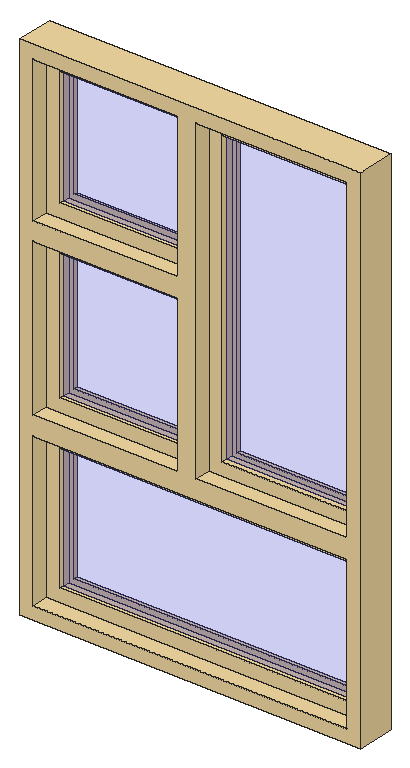
Revit family "4402S-COto 62", category Windows, host Wall, Revit 2016
Family settings
  Host = Wall
  OmniClass Number = 23.30.20.00
  OmniClass Title = Windows
  Always vertical = Yes
  Cut with Voids When Loaded = No
  Shared = No
  Room Calculation Point = No
Parameters (values of type "1188x1788mm")
  top 4 [instance] = yes
  top 3 [instance] = yes
  top 2 [instance] = no
  top 1 [instance] = yes
  right 4 [instance] = no
  right 2 [instance] = no
  right 1 [instance] = no
  right 3 [instance] = no
  left 4 [instance] = no
  left 3 [instance] = no
  left 2 [instance] = yes
  left 1 [instance] = no
  Sash 4 [instance] = or(top 4, right 4, left 4)  # yes
  Sash 3 [instance] = or(top 3, right 3, left 3)  # yes
  Sash 2 [instance] = or(top 2, right 2, left 2)  # yes
  Sash 1 [instance] = or(top 1, right 1, left 1)  # yes
  Rough Width = Width + 2 * Joint  # 1212 mm
  Rough Height = Height + 2 * Joint  # 1812 mm
  Offset from wall = 40 mm
  Mullion 3 Placement = 1192 mm
  Mullion 2 Placement = 594 mm
  Mullion 1 Placement = 596 mm
  Manufacturer = "www.kronevinduer.dk"
  Joint = 12 mm
  Height = 1788 mm
  Frame 176mm [instance] = no
  Frame 157mm [instance] = no
  Default Sill Height = 800 mm
  Wall Closure = By host
  Width = 1188 mm
Reference planes
  plane 1 "Center (Front/Back)": y = 0
  plane 2 "Center (Left/Right)": x = 0
  plane 3 "Left": x = -594
  plane 4 "Right": x = 594
  plane 5 "Sill": z = 800
  plane 6 "Head": z = 2588
  plane 7 "Exterior": y = 100
  plane 8 "Interior": y = -100
  plane 9: y = 60
  plane 10: x = 582
  plane 11: x = -582
  plane 12: z = 812
  plane 13: z = 2576
  plane 14: x = -12
  plane 15: z = 1408
  plane 16: x = 285
  plane 17: x = -297
  plane 18: z = 1110
  plane 19: z = 1694
  plane 20: z = 1992
  plane 21: z = 2004
  plane 22: z = 2290
  plane 23: z = 1706
Forms (mm)
  Sweep 1, solid, material "Wood frame"
    path origin (0, 100, 0) x (1, 0, 0) y (0, 0, 1)
      loop
        line (582, 812) -> (582, 2576) -> (-582, 2576) -> (-582, 812) -> (582, 812)
    profile "COto 62 træ-alu,karm- fast glas 45mm : COto 62 træ-alu,karm- fast glas 45mm" origin (0, 100, 812) x (0, 0, -1) y (0, -1, 0)
      loop
        line (0, 170) -> (-45, 170) -> (-45, 99) -> (-27, 99) -> (-27, 51) -> (-45, 51) -> (-45, 40) -> (0, 40) -> (0, 170)
  Sweep 2, solid, material "Wood frame", visible <- "Frame 157mm"
    path origin (0, 100, 0) x (1, 0, 0) y (0, 0, 1)
      loop
        line (582, 812) -> (582, 2576) -> (-582, 2576) -> (-582, 812) -> (582, 812)
    profile "COto 62 træ-alu,karm- fast glas 45mm-157 : COto 62 træ-alu,karm- fast glas 45mm-157" origin (0, 100, 812) x (0, 0, -1) y (0, -1, 0)
      loop
        line (0, 197) -> (-45, 197) -> (-45, 99) -> (-27, 99) -> (-27, 51) -> (-45, 51) -> (-45, 40) -> (0, 40) -> (0, 197)
  Sweep 3, solid, material "Wood frame", visible <- "Frame 176mm"
    path origin (0, 100, 0) x (1, 0, 0) y (0, 0, 1)
      loop
        line (582, 812) -> (582, 2576) -> (-582, 2576) -> (-582, 812) -> (582, 812)
    profile "COto 62 træ-alu,karm- fast glas 45mm-176 : COto 62 træ-alu,karm- fast glas 45mm-176" origin (0, 100, 812) x (0, 0, -1) y (0, -1, 0)
      loop
        line (0, 216) -> (-45, 216) -> (-45, 99) -> (-27, 99) -> (-27, 51) -> (-45, 51) -> (-45, 40) -> (0, 40) -> (0, 216)
  Extrusion 4, solid, material "Glass"
    sketch origin (-594, 0, 0) x (0, -1, 0) y (0, 0, 1)
      loop
        line (-49, 839) -> (-1, 839) -> (-1, 2549) -> (-49, 2549) -> (-49, 839)
    from -1149 to -39
  Sweep 5, solid, material "Wood frame"
    path origin (0, 100, 0) x (1, 0, 0) y (0, 0, 1)
      loop
        line (582, 1408) -> (-582, 1408)
    profile "COto 62 træ-alu, Post-fast glas 63 mm : COto 62 træ-alu, Post-fast glas 63 mm" origin (0, 100, 1408) x (0, 0, -1) y (0, -1, 0)
      loop
        line (31.5, 170) -> (-31.5, 170) -> (-31.5, 99) -> (-13.5, 99) -> (-13.5, 51) -> (-31.5, 51) -> (-31.5, 40) -> (31.5, 40) -> (31.5, 51) -> (13.5, 51) -> (13.5, 99) -> (31.5, 99) -> (31.5, 170)
  Sweep 6, solid, material "Wood frame", visible <- "Frame 157mm"
    path origin (0, 100, 0) x (1, 0, 0) y (0, 0, 1)
      loop
        line (582, 1408) -> (-582, 1408)
    profile "COto 62 træ-alu, Post-fast glas 63 mm-157 : COto 62 træ-alu, Post-fast glas 63 mm-157" origin (0, 100, 1408) x (0, 0, -1) y (0, -1, 0)
      loop
        line (31.5, 197) -> (-31.5, 197) -> (-31.5, 99) -> (-13.5, 99) -> (-13.5, 51) -> (-31.5, 51) -> (-31.5, 40) -> (31.5, 40) -> (31.5, 51) -> (13.5, 51) -> (13.5, 99) -> (31.5, 99) -> (31.5, 197)
  Sweep 7, solid, material "Wood frame", visible <- "Frame 176mm"
    path origin (0, 100, 0) x (1, 0, 0) y (0, 0, 1)
      loop
        line (582, 1408) -> (-582, 1408)
    profile "COto 62 træ-alu, Post-fast glas 63 mm-176 : COto 62 træ-alu, Post-fast glas 63 mm-176" origin (0, 100, 1408) x (0, 0, -1) y (0, -1, 0)
      loop
        line (31.5, 216) -> (-31.5, 216) -> (-31.5, 99) -> (-13.5, 99) -> (-13.5, 51) -> (-31.5, 51) -> (-31.5, 40) -> (31.5, 40) -> (31.5, 51) -> (13.5, 51) -> (13.5, 99) -> (31.5, 99) -> (31.5, 216)
  Sweep 8, solid, material "Wood frame"
    path origin (0, 100, 0) x (1, 0, 0) y (0, 0, 1)
      loop
        line (-12, 1408) -> (-12, 2576)
    profile "COto 62 træ-alu, Post-fast glas 63 mm : COto 62 træ-alu, Post-fast glas 63 mm" origin (-12, 100, 1992) x (-1, 0, 0) y (0, -1, 0)
      loop
        line (31.5, 170) -> (-31.5, 170) -> (-31.5, 99) -> (-13.5, 99) -> (-13.5, 51) -> (-31.5, 51) -> (-31.5, 40) -> (31.5, 40) -> (31.5, 51) -> (13.5, 51) -> (13.5, 99) -> (31.5, 99) -> (31.5, 170)
  Sweep 9, solid, material "Wood frame", visible <- "Frame 157mm"
    path origin (0, 100, 0) x (1, 0, 0) y (0, 0, 1)
      loop
        line (-12, 2576) -> (-12, 1408)
    profile "COto 62 træ-alu, Post-fast glas 63 mm-157 : COto 62 træ-alu, Post-fast glas 63 mm-157" origin (-12, 100, 1992) x (1, 0, 0) y (0, -1, 0)
      loop
        line (31.5, 197) -> (-31.5, 197) -> (-31.5, 99) -> (-13.5, 99) -> (-13.5, 51) -> (-31.5, 51) -> (-31.5, 40) -> (31.5, 40) -> (31.5, 51) -> (13.5, 51) -> (13.5, 99) -> (31.5, 99) -> (31.5, 197)
  Sweep 10, solid, material "Wood frame", visible <- "Frame 176mm"
    path origin (0, 100, 0) x (1, 0, 0) y (0, 0, 1)
      loop
        line (-12, 2576) -> (-12, 1408)
    profile "COto 62 træ-alu, Post-fast glas 63 mm-176 : COto 62 træ-alu, Post-fast glas 63 mm-176" origin (-12, 100, 1992) x (1, 0, 0) y (0, -1, 0)
      loop
        line (31.5, 216) -> (-31.5, 216) -> (-31.5, 99) -> (-13.5, 99) -> (-13.5, 51) -> (-31.5, 51) -> (-31.5, 40) -> (31.5, 40) -> (31.5, 51) -> (13.5, 51) -> (13.5, 99) -> (31.5, 99) -> (31.5, 216)
  Sweep 11, solid, material "Wood frame", visible <- "Sash 1"
    path origin (0, 100, 0) x (1, 0, 0) y (0, 0, 1)
      loop
        line (555, 839) -> (555, 1394.5) -> (-555, 1394.5) -> (-555, 839) -> (555, 839)
    profile "COto 62 træ-alu,opluk-ramme : COto 62 træ-alu,opluk-ramme" origin (0, 100, 839) x (0, 0, -1) y (0, -1, 0)
      loop
        line (0, 99) -> (-18, 99) -> (-18, 114) -> (-63, 114) -> (-63, 99) -> (-45, 99) -> (-45, 51) -> (-63, 51) -> (-63, 40) -> (0, 40) -> (0, 99)
  Sweep 12, solid, material "Wood frame", visible <- "Sash 2"
    path origin (0, 100, 0) x (1, 0, 0) y (0, 0, 1)
      loop
        line (555, 1421.5) -> (555, 2549) -> (1.5, 2549) -> (1.5, 1421.5) -> (555, 1421.5)
    profile "COto 62 træ-alu,opluk-ramme : COto 62 træ-alu,opluk-ramme" origin (278.25, 100, 1421.5) x (0, 0, -1) y (0, -1, 0)
      loop
        line (0, 99) -> (-18, 99) -> (-18, 114) -> (-63, 114) -> (-63, 99) -> (-45, 99) -> (-45, 51) -> (-63, 51) -> (-63, 40) -> (0, 40) -> (0, 99)
  Sweep 13, solid, material "Wood frame"
    path origin (0, 100, 0) x (1, 0, 0) y (0, 0, 1)
      loop
        line (-12, 2004) -> (-582, 2004)
    profile "COto 62 træ-alu, Post-fast glas 63 mm : COto 62 træ-alu, Post-fast glas 63 mm" origin (-297, 100, 2004) x (0, 0, -1) y (0, -1, 0)
      loop
        line (31.5, 170) -> (-31.5, 170) -> (-31.5, 99) -> (-13.5, 99) -> (-13.5, 51) -> (-31.5, 51) -> (-31.5, 40) -> (31.5, 40) -> (31.5, 51) -> (13.5, 51) -> (13.5, 99) -> (31.5, 99) -> (31.5, 170)
  Sweep 14, solid, material "Wood frame", visible <- "Frame 157mm"
    path origin (0, 100, 0) x (1, 0, 0) y (0, 0, 1)
      loop
        line (-12, 2004) -> (-582, 2004)
    profile "COto 62 træ-alu, Post-fast glas 63 mm-157 : COto 62 træ-alu, Post-fast glas 63 mm-157" origin (-297, 100, 2004) x (0, 0, -1) y (0, -1, 0)
      loop
        line (31.5, 197) -> (-31.5, 197) -> (-31.5, 99) -> (-13.5, 99) -> (-13.5, 51) -> (-31.5, 51) -> (-31.5, 40) -> (31.5, 40) -> (31.5, 51) -> (13.5, 51) -> (13.5, 99) -> (31.5, 99) -> (31.5, 197)
  Sweep 15, solid, material "Wood frame", visible <- "Frame 176mm"
    path origin (0, 100, 0) x (1, 0, 0) y (0, 0, 1)
      loop
        line (-12, 2004) -> (-582, 2004)
    profile "COto 62 træ-alu, Post-fast glas 63 mm-176 : COto 62 træ-alu, Post-fast glas 63 mm-176" origin (-297, 100, 2004) x (0, 0, -1) y (0, -1, 0)
      loop
        line (31.5, 216) -> (-31.5, 216) -> (-31.5, 99) -> (-13.5, 99) -> (-13.5, 51) -> (-31.5, 51) -> (-31.5, 40) -> (31.5, 40) -> (31.5, 51) -> (13.5, 51) -> (13.5, 99) -> (31.5, 99) -> (31.5, 216)
  Sweep 16, solid, material "Wood frame", visible <- "Sash 3"
    path origin (0, 100, 0) x (1, 0, 0) y (0, 0, 1)
      loop
        line (-25.5, 1421.5) -> (-25.5, 1990.5) -> (-555, 1990.5) -> (-555, 1421.5) -> (-25.5, 1421.5)
    profile "COto 62 træ-alu,opluk-ramme : COto 62 træ-alu,opluk-ramme" origin (-290.25, 100, 1421.5) x (0, 0, -1) y (0, -1, 0)
      loop
        line (0, 99) -> (-18, 99) -> (-18, 114) -> (-63, 114) -> (-63, 99) -> (-45, 99) -> (-45, 51) -> (-63, 51) -> (-63, 40) -> (0, 40) -> (0, 99)
  Sweep 17, solid, material "Wood frame", visible <- "Sash 4"
    path origin (0, 100, 0) x (1, 0, 0) y (0, 0, 1)
      loop
        line (-25.5, 2017.5) -> (-25.5, 2549) -> (-555, 2549) -> (-555, 2017.5) -> (-25.5, 2017.5)
    profile "COto 62 træ-alu,opluk-ramme : COto 62 træ-alu,opluk-ramme" origin (-290.25, 100, 2017.5) x (0, 0, -1) y (0, -1, 0)
      loop
        line (0, 99) -> (-18, 99) -> (-18, 114) -> (-63, 114) -> (-63, 99) -> (-45, 99) -> (-45, 51) -> (-63, 51) -> (-63, 40) -> (0, 40) -> (0, 99)
Cuts and joins
  joined: Sweep 1, Sweep 5, Sweep 8, Sweep 13
  joined: Sweep 2, Sweep 6, Sweep 9, Sweep 14
  joined: Sweep 3, Sweep 7, Sweep 10, Sweep 15
Lines and regions (mm)
  Opening 1
    outline origin (3500, -100, 0) x (1, 0, 0) y (0, 0, 1)
      loop
        line (-2906, 800) -> (-2906, 2588) -> (-4094, 2588) -> (-4094, 800) -> (-2906, 800)
  symbolic lines, visible <- "top 2"
    curve 1: line (555, 100, 2549) -> (285, 100, 1421.5)
    curve 2: line (285, 100, 1421.5) -> (1.5, 100, 2549)
  symbolic lines, visible <- "top 1"
    curve 3: line (555, 100, 1394.5) -> (0, 100, 839)
    curve 4: line (0, 100, 839) -> (-555, 100, 1394.5)
  symbolic lines
    curve 5: line (555, 100, 2549) -> (555, 100, 1992)
    curve 16: line (-555, 100, 2549) -> (-555, 100, 1985.5)
  symbolic lines, visible <- "left 1"
    curve 6: line (555, 100, 1394.5) -> (-555, 100, 1110)
    curve 7: line (-555, 100, 1110) -> (555, 100, 839)
  symbolic lines, visible <- "right 1"
    curve 8: line (-555, 100, 1394.5) -> (555, 100, 1110)
    curve 9: line (555, 100, 1110) -> (-555, 100, 839)
  symbolic lines, visible <- "right 2"
    curve 10: line (1.5, 100, 2549) -> (555, 100, 1992)
    curve 11: line (555, 100, 1992) -> (1.5, 100, 1421.5)
  symbolic lines, visible <- "left 2"
    curve 12: line (555, 100, 2549) -> (1.5, 100, 1992)
    curve 13: line (1.5, 100, 1992) -> (555, 100, 1421.5)
  symbolic lines, visible <- "top 3"
    curve 14: line (-25.5, 100, 1990.5) -> (-297, 100, 1421.5)
    curve 15: line (-297, 100, 1421.5) -> (-555, 100, 1990.5)
  symbolic lines, visible <- "top 4"
    curve 17: line (-25.5, 100, 2549) -> (-297, 100, 2017.5)
    curve 18: line (-297, 100, 2017.5) -> (-555, 100, 2549)
  symbolic lines, visible <- "left 4"
    curve 19: line (-25.5, 100, 2549) -> (-555, 100, 2290)
    curve 20: line (-25.5, 100, 2017.5) -> (-555, 100, 2290)
  symbolic lines, visible <- "right 4"
    curve 21: line (-555, 100, 2549) -> (-25.5, 100, 2290)
    curve 22: line (-25.5, 100, 2290) -> (-555, 100, 2017.5)
  symbolic lines, visible <- "left 3"
    curve 23: line (-25.5, 100, 1990.5) -> (-555, 100, 1706)
    curve 24: line (-555, 100, 1706) -> (-25.5, 100, 1421.5)
  symbolic lines, visible <- "right 3"
    curve 25: line (-555, 100, 1990.5) -> (-25.5, 100, 1706)
    curve 26: line (-25.5, 100, 1706) -> (-555, 100, 1421.5)
Text (mm)
  text "EXTERIOR" at (-1963.203, 1332.353, 0), in view "Ref. Level"
  text "INTERIOR" at (-1981.466, -818.386, 0), in view "Ref. Level"
  text "Exterior" at (0, 923.751, 2943.296), in view "Right"
  text "Exterior" at (0, 1040.484, 2685.409), in view "Left"
Dimensions and locks
  equal spacing: plane 3 "Left", plane 2 "Center (Left/Right)", plane 4 "Right"
  "Width": plane 3 "Left" to plane 4 "Right"
  "Height": plane 5 "Sill" to plane 6 "Head"
  "Default Sill Height": plane 5 "Sill" to level
  locked: plane 7 "Exterior" to host wall at 0
  locked: plane 8 "Interior" to host wall
  "Joint": plane 13 to plane 6 "Head"
  "Joint": plane 5 "Sill" to plane 12
  "Joint": plane 3 "Left" to plane 11
  "Joint": plane 10 to plane 4 "Right"
  "Offset from wall": plane 9 to plane 7 "Exterior"
  "Mullion 2 Placement": plane 14 to plane 10
  "Mullion 1 Placement": plane 12 to plane 15
  equal spacing: plane 14, plane 16, plane 10
  equal spacing: plane 12, plane 18, plane 15
  equal spacing: plane 11, plane 17, plane 14
  equal spacing: plane 12, plane 19, plane 13
  equal spacing: plane 15, plane 20, plane 13
  "Mullion 3 Placement": plane 12 to plane 21
  equal spacing: plane 21, plane 22, plane 13
  equal spacing: plane 15, plane 23, plane 21
  aligned and locked: plane 12 to Sweep 1 sketch curve
  aligned and locked: plane 10 to Sweep 1 sketch curve
  aligned and locked: Sweep 1 sketch curve to plane 13
  aligned and locked: Sweep 1 sketch curve to plane 11
  aligned and locked: Extrusion 4 sketch curve to Sweep 1  (x2)
  aligned and locked: Extrusion 4 to Sweep 1  (x4)
  aligned and locked: plane 15 to Sweep 5 sketch curve
  aligned and locked: Sweep 11 sketch curve to Extrusion 4  (x2)
  aligned and locked: Sweep 11 sketch curve to cut or joined group of Sweep 1, Sweep 5, Sweep 8, Sweep 13  (x2)
  aligned and locked: Sweep 12 sketch curve to cut or joined group of Sweep 1, Sweep 5, Sweep 8, Sweep 13  (x3)
  aligned and locked: cut or joined group of Sweep 1, Sweep 5, Sweep 8, Sweep 13 to Sweep 12 sketch curve
  aligned and locked: cut or joined group of Sweep 1, Sweep 5, Sweep 8, Sweep 13 to Sweep 16 sketch curve  (x3)
  aligned and locked: Sweep 16 sketch curve to cut or joined group of Sweep 1, Sweep 5, Sweep 8, Sweep 13
  aligned and locked: Sweep 17 sketch curve to cut or joined group of Sweep 1, Sweep 5, Sweep 8, Sweep 13  (x2)
  aligned and locked: Sweep 17 sketch curve to Extrusion 4  (x2)
Automatic sketch dimensions
  Opening 1 sketch curve to plane 3 "Left" = 0 mm
  Opening 1 sketch curve to plane 4 "Right" = 0 mm
  Opening 1 sketch curve to plane 5 "Sill" = 0 mm
  Opening 1 sketch curve to plane 6 "Head" = 0 mm
  plane 11 to Sweep 2 sketch curve = 0 mm
  plane 10 to Sweep 2 sketch curve = 0 mm
  Sweep 2 sketch curve to plane 12 = 0 mm
  Sweep 2 sketch curve to plane 13 = 0 mm
  plane 11 to Sweep 3 sketch curve = 0 mm
  plane 10 to Sweep 3 sketch curve = 0 mm
  Sweep 3 sketch curve to plane 12 = 0 mm
  Sweep 3 sketch curve to plane 13 = 0 mm
  Extrusion 4 sketch curve to plane 5 "Sill" = 39 mm
  plane 6 "Head" to Extrusion 4 sketch curve = 39 mm
  plane 11 to Sweep 5 sketch curve = 0 mm
  plane 10 to Sweep 5 sketch curve = 0 mm
  plane 11 to Sweep 6 sketch curve = 0 mm
  plane 10 to Sweep 6 sketch curve = 0 mm
  Sweep 6 sketch curve to plane 15 = 0 mm
  plane 11 to Sweep 7 sketch curve = 0 mm
  plane 10 to Sweep 7 sketch curve = 0 mm
  Sweep 7 sketch curve to plane 15 = 0 mm
  Sweep 8 sketch curve to plane 13 = 0 mm
  plane 14 to Sweep 8 sketch curve = 0 mm
  Sweep 8 sketch curve to plane 15 = 0 mm
  plane 14 to Sweep 9 sketch curve = 0 mm
  Sweep 9 sketch curve to plane 15 = 0 mm
  Sweep 9 sketch curve to plane 13 = 0 mm
  plane 14 to Sweep 10 sketch curve = 0 mm
  Sweep 10 sketch curve to plane 15 = 0 mm
  Sweep 10 sketch curve to plane 13 = 0 mm
  plane 11 to Sweep 13 sketch curve = 0 mm
  plane 14 to Sweep 13 sketch curve = 0 mm
  Sweep 13 sketch curve to plane 21 = 0 mm
  plane 11 to Sweep 14 sketch curve = 0 mm
  plane 14 to Sweep 14 sketch curve = 0 mm
  Sweep 14 sketch curve to plane 21 = 0 mm
  plane 11 to Sweep 15 sketch curve = 0 mm
  plane 14 to Sweep 15 sketch curve = 0 mm
  Sweep 15 sketch curve to plane 21 = 0 mm
  curve 19 to plane 22 = 0 mm
  curve 24 to plane 23 = 0 mm
  curve 6 to plane 18 = 0 mm
  plane 17 to curve 18 = 0 mm
  plane 17 to curve 14 = 0 mm
  plane 2 "Center (Left/Right)" to curve 4 = 0 mm
  curve 22 to plane 22 = 0 mm
  curve 25 to plane 23 = 0 mm
  curve 13 to plane 20 = 0 mm
  plane 16 to curve 2 = 0 mm
  curve 10 to plane 20 = 0 mm
  curve 8 to plane 18 = 0 mm
  curve 8 to plane 11 = 27 mm
  curve 7 to plane 11 = 27 mm
  curve 21 to plane 11 = 27 mm
  curve 23 to plane 11 = 27 mm
  curve 25 to plane 11 = 27 mm
  plane 14 to curve 22 = 13.5 mm
  plane 14 to curve 14 = 13.5 mm
  plane 14 to curve 19 = 13.5 mm
  curve 13 to plane 14 = 13.5 mm
  curve 2 to plane 14 = 13.5 mm
  plane 10 to curve 10 = 27 mm
  plane 10 to curve 8 = 27 mm
  plane 10 to curve 6 = 27 mm
  plane 12 to curve 3 = 27 mm
  curve 8 to plane 15 = 13.5 mm
  curve 6 to plane 15 = 13.5 mm
  plane 15 to curve 2 = 13.5 mm
  plane 15 to curve 15 = 13.5 mm
  plane 21 to curve 25 = 13.5 mm
  plane 21 to curve 14 = 13.5 mm
  curve 18 to plane 21 = 13.5 mm
  curve 19 to plane 13 = 27 mm
  curve 12 to plane 13 = 27 mm
  curve 16 to plane 13 = 27 mm
  curve 10 to curve 17 = 0 mm
  curve 9 to plane 11 = 27 mm
  curve 22 to plane 11 = 27 mm
  curve 26 to curve 4 = 0 mm
  plane 14 to curve 20 = 13.5 mm
  plane 14 to curve 24 = 13.5 mm
  plane 14 to curve 25 = 13.5 mm
  curve 11 to plane 14 = 13.5 mm
  plane 10 to curve 7 = 27 mm
  plane 10 to curve 13 = 27 mm
  plane 12 to curve 7 = 27 mm
  plane 12 to curve 9 = 27 mm
  plane 15 to curve 13 = 13.5 mm
  plane 15 to curve 26 = 13.5 mm
  plane 15 to curve 11 = 13.5 mm
  plane 15 to curve 24 = 13.5 mm
  curve 22 to plane 21 = 13.5 mm
  curve 20 to plane 21 = 13.5 mm
  plane 20 to curve 16 = 6.5 mm
